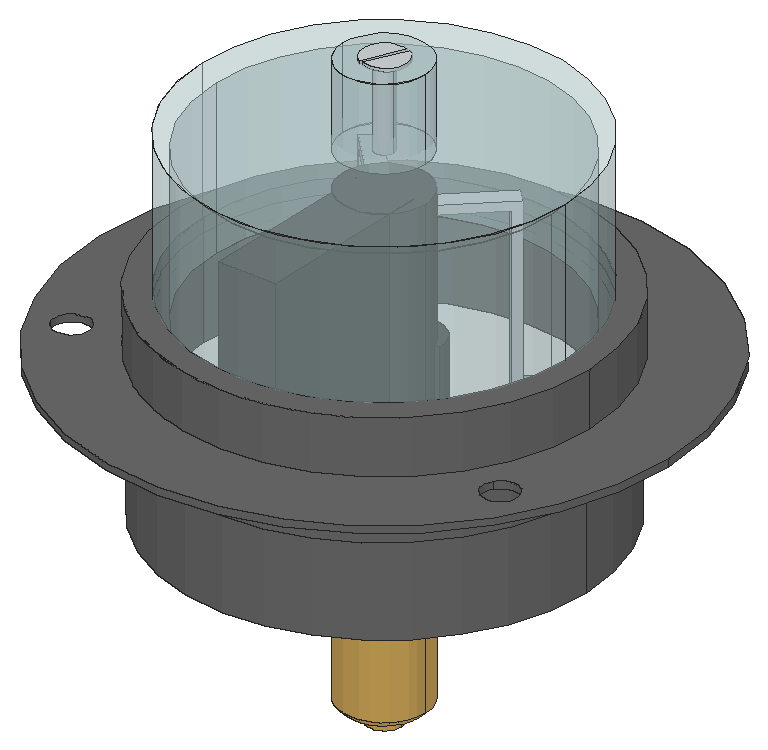
Revit family "РОСМА_МанометрОсевойЭлектроконтактнойПриставкой", category Арматура трубопроводов, Revit 2018
Family settings
  Размер круглого соединителя = Использовать диаметр
  Тип детали = Вставляется
  На основе рабочей плоскости = Нет
  Всегда вертикально = Да
  При загрузке вырезать с полостями = Нет
  Общий = Нет
Parameters (values of type "310")
  Техническая документация = "ТУ 4212-001-4719015564-2008; ГОСТ 2405–88"  # constant formula
  Присоединение = "Осевое"  # constant formula
  Межпроверочный интервал = "2 года"  # constant formula
  Климатическое исполнение = "Группа В3 по ГОСТ Р 52931; климатическое исполнение УХЛ категории 3.1 по ГОСТ 15150"  # constant formula
  Ду [instance] = DN  # 8 mm
  Диапазон раб. температур окр. среды = "−60°C…+60°C"  # constant formula
  Диапазон раб. температур измер. среды = "−50°C…+150°C"  # constant formula
  m = 30 mm
  МетрРезьба [instance] = if(Метрическая резьба, 1, 0)  # 1
  Description = "Манометр показывающий ТМ, серия 10. Манометры осевые с электроконтактной приставкой предназначены для управления внешними электрическими цепями в схемах сигнализации, автоматики и блокировки технологических процессов.\r\n\r\n"  # constant formula
  Метрическая резьба [instance] = not(Дюймовая резьба)  # yes
  Код IP = "IP40"
  Класс точности = "2,5"  # constant formula
  Исполнение = 310
  Изготовитель = "ЗАО \"РОСМА\""
  Дюймовая резьба [instance] = no
  b1 = 86 mm
  Table = "спец_осевой с электроконтактной приставкой"  # constant formula
  Счетчик списка [instance] = if(Диапазон давлений = Давление01, 1, if(Диапазон давлений = Давление03, 3, if(Диапазон давлений = Давление04, 4, if(Диапазон давлений = Давление05, 5, if(Диапазон давлений = Давление06, 6, if(Диапазон давлений = Давление07, 7, if(Диапазон давлений = Давление08, 8, if(Диапазон давлений = Давление09, 9, if(Диапазон давлений = Давление10, 10, if(Диапазон давлений = Давление11, 11, if(Диапазон давлений = Давление12, 12, if(Диапазон давлений = Давление13, 13, if(Диапазон давлений = Давление14, 14, if(Диапазон давлений = Давление15, 15, if(Диапазон давлений = Давление19, 19, if(Диапазон давлений = Давление20, 20, if(Диапазон давлений = Давление21, 21, if(Диапазон давлений = Давление22, 22, if(Диапазон давлений = Давление23, 23, if(Диапазон давлений = Давление24, 24, 25))))))))))))))))))))  # 13
  G [instance] = if(Метрическая резьба, "M20", "G1/2")  # "M20"
  Dполости_переднСт = D2 - 6 mm  # 53 mm
  DN = 8.00 mm
  Длина стрелки = D2 / 2 - 10 mm  # 19.5 mm
  Диапазон давлений [instance] = ‎ : ТМ 0…10МПа
  Давление24 = ‎ : ТМВ -0.1…2.4МПа
  Давление23 = ‎ : ТМВ -0.1…1.5МПа
  Давление22 = ‎ : ТМВ -0.1…0.9МПа
  Давление21 = ‎ : ТМВ -0.1…0.5МПа
  Давление20 = ‎ : ТМВ -0.1…0.3МПа
  Давление19 = ‎ : ТМВ -0.1…0.15МПа
  Давление15 = ‎ : ТМ 0…25МПа
  Давление09 = ‎ : ТМ 0…1.6МПа
  Давление08 = ‎ : ТМ 0…1.0МПа
  Давление07 = ‎ : ТМ 0…0.6МПа
  Давление06 = ‎ : ТМ 0…0.4МПа
  Давление05 = ‎ : ТМ 0…0.25МПа
  Давление04 = ‎ : ТМ 0…0.16МПа
  Давление03 = ‎ : ТМ 0…0.1МПа
  Давление14 = ‎ : ТМ 0…16МПа
  Давление13 = ‎ : ТМ 0…10МПа
  Давление12 = ‎ : ТМ 0…6МПа
  Давление11 = ‎ : ТМ 0…4МПа
  Давление10 = ‎ : ТМ 0…2.5МПа
  Давление01 = ‎ : ТВ -0.1…0МПа
  Группа модели = "Оборудование"
  f = 19 mm
  e = 17 mm
  b-e = b - e  # 13 mm
  b = 30 mm
  Youtube clip = ""
  URL = "https://rosma.spb.ru/manometers/osevye-s-elektrokontaktnoj-pristavkoj/"
  S = 10 mm
  Rg2 = S / 2 + 6 mm  # 11 mm
  Rg1 = S / 2 + 1 mm  # 6 mm
  R_Logo = 16 mm
  R2 шкала = 20 mm
  R1 шкала = 21 mm
  h_rezba = 15 mm
  Lgol = 2 mm
  h_гайки = 10 mm
  Drezba = 12 mm
  Dgol = Drezba - 2 mm  # 10 mm
  Ddempfer = 5 mm
  D2 = 59 mm
  D2/2 = D2 / 2  # 29.5 mm
  D1 = 60 mm
  Copyright = "EPICON"  # constant formula
  Author (e-mail) = "project@epicon.biz"  # constant formula
  ADSK_Примечание [instance] = ""
  ADSK_Позиция [instance] = ""
  ADSK_Наименование [instance] = size_lookup(Table, "ADSK_Наименование", "Нет в каталоге", Счетчик списка)  # "Манометр ТМ серия 10.ЭКМ"
  ADSK_Масса_Текст [instance] = size_lookup(Table, "ADSK_Масса_Текст", "Нет в каталоге", Счетчик списка)  # "0,2"
  ADSK_Марка [instance] = size_lookup(Table, "ADSK_Марка", "Нет в каталоге", Счетчик списка)  # "ТМ-310ТКП.05(0-10МРа)G1/4.2,5"
  ADSK_Количество = 1  # constant formula
  ADSK_Код изделия [instance] = " "
  ADSK_Завод-изготовитель [instance] = size_lookup(Table, "ADSK_Завод-изготовитель", "Нет в каталоге", Счетчик списка)  # "ЗАО \"РОСМА\""
  ADSK_Единица измерения = "шт."
Reference planes
  plane 1 "По центру (Вперед/Назад)": y = 0
  plane 2: z = 0
  plane 3 "По центру (Влево/Вправо)": x = 0
  plane 4 "f1": y = -15.6
  plane 5 "Табло": y = -16.6
  plane 6 "sr": x = 5
  plane 7 "sl": x = -5
  plane 8 "sb": y = 5
  plane 9 "sf": y = -5
  plane 10 "низкорпуса": z = 10
  plane 11: z = -15
  plane 12: z = -17
Forms (mm)
  Extrusion 1, solid, material "_Латунь", detail levels fine
    sketch origin (0, 0, 10) x (-1, 0, 0) y (0, -1, 0)
      loop
        line (5, -5) -> (5, 5) -> (-5, 5) -> (-5, -5) -> (5, -5)
    from 0 to -10
  Extrusion 2, void
    sketch origin (0, 0, 10) x (-1, 0, 0) y (0, -1, 0)
      loop
        circle (0, 0) r 6
      loop
        circle (0, 0) r 11
    from 0 to -10
  Extrusion 3, solid, material "_Латунь", detail levels fine
    sketch origin (0, 0, 10) x (-1, 0, 0) y (0, -1, 0)
      loop
        circle (0, 0) r 6
    from -10 to -25
  Sweep 4, void
    path in 3D
      loop
        arc (-6, 0, -15) -> (0, -6, -15) -> (6, 0, -15) r 6
        arc (6, 0, -15) -> (0, 6, -15) -> (-6, 0, -15) r 6
    profile origin (0, 6, -15) x (0, 1, 0) y (0, 0, -1)
      loop
        line (0, 0) -> (-1.016, 0) -> (0, -1.016) -> (0, 0)
  Sweep 5, void
    path in 3D
      loop
        arc (-6, 0, 0) -> (0, 6, 0) -> (6, 0, 0) r 6
        arc (6, 0, 0) -> (0, -6, 0) -> (-6, 0, 0) r 6
    profile origin (0, -6, 0) x (0, -1, 0) y (0, 0, 1)
      loop
        line (0, 0) -> (-1, 0) -> (0, -1) -> (0, 0)
  Extrusion 6, solid, material "_Латунь", detail levels fine
    sketch origin (-21.391, -1524, 2) x (-1, 0, 0) y (0, -1, 0)
      loop
        circle (-21.391, -1524) r 2.5
    from -19 to -2
Cuts and joins
  Extrusion 2, Sweep 5 cuts Extrusion 1
  Sweep 4, Sweep 5 cuts Extrusion 3
  joined: Extrusion 1, Extrusion 3
Lines and regions (mm)
  sketch lines
    curve 1: arc (6, 0, -15) -> (0, 6, -15) -> (-6, 0, -15) r 6
    curve 2: arc (-6, 0, -15) -> (0, -6, -15) -> (6, 0, -15) r 6
    curve 3: arc (6, 0, 0) -> (0, -6, 0) -> (-6, 0, 0) r 6
    curve 4: arc (-6, 0, 0) -> (0, 6, 0) -> (6, 0, 0) r 6
Dimensions and locks
  plane 1 "По центру (Вперед/Назад)" to plane 4 "f1" = 15.6 mm
  locked: plane 4 "f1" to plane 5 "Табло" at 1
  plane 3 "По центру (Влево/Вправо)" to plane 6 "sr" = 5 mm
  plane 7 "sl" to plane 3 "По центру (Влево/Вправо)" = 5 mm
  "h_гайки": plane 10 "низкорпуса" to plane 2
  equal spacing: plane 8 "sb", plane 1 "По центру (Вперед/Назад)", plane 9 "sf"
  equal spacing: plane 7 "sl", plane 3 "По центру (Влево/Вправо)", plane 6 "sr"
  "S": plane 7 "sl" to plane 6 "sr"
  "S": plane 8 "sb" to plane 9 "sf"
  "h_rezba": plane 2 to plane 11
  "Lgol": plane 11 to plane 12
  "Rg1": radius of Extrusion 2 sketch curve
  "Rg2": radius of Extrusion 2 sketch curve
  "Drezba": diameter of Extrusion 3 sketch curve
  "Ddempfer": diameter of Extrusion 6 sketch curve
  aligned and locked: level to plane 2
  aligned and locked: plane 10 "низкорпуса" to cut or joined group of Extrusion 1, Extrusion 2, Extrusion 3, Sweep 4, Sweep 5
  aligned and locked: plane 10 "низкорпуса" to Extrusion 2
  aligned and locked: Extrusion 2 to Extrusion 1
  aligned and locked: cut or joined group of Extrusion 1, Extrusion 2, Extrusion 3, Sweep 4, Sweep 5 to plane 11
  aligned and locked: plane 2 to cut or joined group of Extrusion 1, Extrusion 2, Extrusion 3, Sweep 4, Sweep 5
  aligned and locked: Extrusion 6 to plane 12
  aligned and locked: cut or joined group of Extrusion 1, Extrusion 2, Extrusion 3, Sweep 4, Sweep 5 to plane 2
  aligned and locked: plane 2 to Extrusion 6
  aligned and locked: nested 2 to plane 10 "низкорпуса"
  aligned and locked: nested 2 to plane 1 "По центру (Вперед/Назад)"
  aligned and locked: plane 3 "По центру (Влево/Вправо)" to nested 2
  aligned and locked: plane 3 "По центру (Влево/Вправо)" to nested 3
  aligned and locked: plane 1 "По центру (Вперед/Назад)" to nested 3
Automatic sketch dimensions
  Extrusion 1 sketch curve to plane 6 "sr" = 0 mm
  Extrusion 1 sketch curve to plane 7 "sl" = 0 mm
  Extrusion 1 sketch curve to plane 8 "sb" = 0 mm
  Extrusion 1 sketch curve to plane 9 "sf" = 0 mm
  profile plane to Sweep 4 sketch curve = 0 mm
  Sweep 4 sketch curve to profile plane = 0 mm
  profile plane to Sweep 4 sketch curve = 1.016 mm
  Sweep 4 sketch curve to profile plane = 1.016 mm
  Sweep 5 sketch curve to profile plane = 0 mm  (x2)
  profile plane to Sweep 5 sketch curve = 1 mm
  Sweep 5 sketch curve to profile plane = 1 mm
  plane 1 "По центру (Вперед/Назад)" to Extrusion 3 sketch curve = 0 mm
  Extrusion 3 sketch curve to plane 3 "По центру (Влево/Вправо)" = 0 mm
  plane 1 "По центру (Вперед/Назад)" to Extrusion 6 sketch curve = 0 mm
  Extrusion 6 sketch curve to plane 3 "По центру (Влево/Вправо)" = 0 mm
  Extrusion 2 sketch curve to Extrusion 2 sketch curve = 0 mm  (x2)
  plane 1 "По центру (Вперед/Назад)" to Extrusion 2 sketch curve = 0 mm
  Extrusion 2 sketch curve to plane 3 "По центру (Влево/Вправо)" = 0 mm
Nested families
  nested 1: "‎" at (-85.407, -40.5, 0), type "ТВ -0.1…0МПа"
  nested 2: "Корпус манометра_ОсевойЭлектроконтактнойПриставкой" at (0, 0, 16.5) x (1, 0, 0) z (0, 1, 0), b-е <- "b-e", e <- "e", D1 <- "D1", D2 <- "D2", R_лого <- "R_Logo", R2_шкала <- "R2 шкала", R1_шкала <- "R1 шкала", Dполости_переднСт <- "Dполости_переднСт", Длина стрелки <- "Длина стрелки", type "ТМ", detail levels fine
    with Угол раскрытия 0.00°, Материал корпуса _Краска черная глянцевая, Длина стрелки3 10 mm, Длина стрелки2 15 mm, Длина стрелки 19.5 mm, Диаметр полости 53 mm, e 17 mm, b-е 13 mm, b 29.332 mm, a электрочасти 35.367 mm, R_лого 16 mm, R2_шкала 20 mm, R1_шкала 21 mm, N2_шкала 0, N1_шкала 0, Dполости_переднСт 53 mm, Dполости_2 49 mm, D2 59 mm, D1/2-5 25 mm, D1 60 mm
  nested 3: "DAA_УГО_МанометрПоказывающий_ГОСТ21.208-2013" at (0, 0, 0), type "DAA_УГО_МанометрПоказывающий_ГОСТ21.208-2013", detail levels coarse+medium
Connectors
  piping at (0, 0, 0), diameter 8, driven by "DN"
    settings: on Extrusion 6, index 1, connector inside diameter 609.6 mm, connector length 0 mm, flow factor 0, pipe flow 0.0 L/s, pressure drop 0 MPa, fitting loss kfactor 0, connector angle 0.00°, fixture units 0, engagement length 0 mm, angle of deflection 0.00°, flow configuration 0, flow direction 0, fitting loss method 0, system type 7, joint type 0, gender type 0, connector reference index -1, connector utility 0, adjustable connector no, is connector primary yes, connector description ""
  electrical at (0.128, -31.938, 27.5)
    settings: on nested 2, index 2, voltage 220 V, apparent load 0 VA, apparent load phase1 30 VA, apparent load phase2 0 VA, apparent load phase3 0 VA, power factor 1, load classification "Прочее", number of poles 1, system type 31, power factor state 1, is connector primary yes, connector utility no, sub classification motor no, connector description ""
Definition of nested family "Корпус манометра_ОсевойЭлектроконтактнойПриставкой"
  Parameters (values of type "ТМ")
    блокировка = 16.236 mm
    блок = 0 mm
    Угол раскрытия [instance] = 0.00°
    Description = ""
    Материал корпуса [instance] = none
    Manufacturer = ""
    Длина стрелки3 [instance] = 8 mm
    Длина стрелки2 [instance] = 15 mm
    Длина стрелки [instance] = 20 mm
    Диаметр полости [instance] = Dполости_переднСт  # 54 mm
    Model = "Оборудование"
    e [instance] = 17 mm
    ddd = 12 mm
    b-е [instance] = 10.849 mm
    b [instance] = 29.332 mm
    a3 = 83 mm
    a электрочасти [instance] = 35.367 mm
    URL = ""
    R_лого [instance] = 15.996 mm
    N2_шкала [instance] = 0
    N1_шкала [instance] = 0
    Dполости_переднСт [instance] = 54 mm
    Dполости_2 [instance] = Dполости_переднСт - 4 mm  # 50 mm
    D2 [instance] = 59 mm
    D1/2-5 [instance] = D1 / 2 - 5 mm  # 25 mm
    D1 [instance] = 60 mm
    Copyright = "ЭПИКОН"  # constant formula
    Author (e-mail) = "https://epicon.biz"  # constant formula
    R2_шкала [instance] = 20 mm
    R1_шкала [instance] = 19 mm
  Reference planes
    plane 1 "По центру (Вперед/Назад)": y = 0
    plane 2: z = 0
    plane 3 "По центру (Влево/Вправо)": x = 0
    plane 4 "задняя стенка": y = 5.424
    plane 5 "f2": y = -23.907
    plane 6 "f1": y = -5.424
    plane 7 "стекло": y = -21.907
    plane 8 "Табло": y = -6.424
    plane 9 "sr": x = 4.125
    plane 10 "sl": x = -4.125
    plane 11 "sf": y = -11
    plane 12: z = -49
    plane 13: through (-2.116, -1524, -0.789) normal (0.7071, 0, 0.7071)
    plane 14: through (0, -1524, 0) normal (0.7071, 0, -0.7071)
    plane 15: through (-18.35, -1524, -12.84) normal (0.7071, 0, 0.7071)
    plane 16 "толщина стрелки": y = -6.424
    plane 17: y = -43.1
    plane 18: y = -41.1
    plane 19: x = -8.829
    plane 20: x = 8.829
    plane 21: z = -25
    plane 22: through (-0.003, -1524, -0.001) normal (0.7071, 0, -0.7071)
    plane 23: y = -4.424
    plane 24: y = -14.666
    plane 25: y = -15.166
    plane 26: y = -14.166
  Forms (mm)
    Extrusion 1, void
      sketch origin (-603.868, 0, -179.968) x (1, 0, 0) y (0, 0, 1)
        loop
          circle (603.868, 179.968) r 27
      from 5.424 to 21.907
    Extrusion 2, solid, detail levels fine
      sketch origin (-355.068, -21.907, -174.854) x (-1, 0, 0) y (0, 0, 1)
        loop
          circle (-355.068, 174.854) r 27
      from -21.193 to 2
    Extrusion 3, solid, material <- "Материал корпуса", detail levels fine
      sketch origin (-402.089, 0, -169.881) x (1, 0, 0) y (0, 0, 1)
        loop
          circle (402.089, 169.881) r 30
      from 5.424 to 23.907
    Extrusion 4, solid, material <- "Материал корпуса", detail levels fine
      sketch origin (-312.609, 0, -285.527) x (1, 0, 0) y (0, 0, 1)
        loop
          circle (312.609, 285.527) r 29.5
      from -5.424 to 5.424
    Extrusion 5, solid
      sketch origin (0, -6.424, 0) x (-1, 0, 0) y (0, 0, 1)
        loop
          line (15.595, -15.595) -> (2.291, -0.614) -> (1.452, -1.452) -> (15.595, -15.595)
      from 0 to 1
    Extrusion 6, solid
      sketch origin (0, -6.424, 0) x (0, 0, -1) y (-1, 0, 0)
        loop
          line (15.595, 15.595) -> (1.452, 1.452) -> (2.291, 0.614) -> (15.595, 15.595)
      from 0 to 1
    Extrusion 7, void
      sketch origin (0, -6.424, 0) x (-1, 0, 0) y (0, 0, 1)
        loop
          circle (0, 0) r 27
      from -17.483 to -15.483
    Extrusion 8, void
      sketch origin (0, -6.424, 0) x (-1, 0, 0) y (0, 0, 1)
        loop
          circle (0, 0) r 25
      from -34.676 to 1
    Extrusion 9, solid
      sketch origin (0, -6.424, 0) x (-1, 0, 0) y (0, 0, 1)
        loop
          line (4.125, 0) -> (-4.125, 0) -> (-4.125, -25) -> (4.125, -25) -> (4.125, 0)
      from -28.429 to 1
    Extrusion 10, solid, detail levels fine
      sketch origin (-55.686, -16.6, -0.001) x (-1, 0, 0) y (0, 0, 1)
        loop
          arc (-56.129, 2.329) -> (-57.198, 4.31) -> (-57.787, 6.483) r 9.796
          arc (-57.787, 6.483) -> (-60.885, 5.2) -> (-62.168, 2.102) r 4.382
          arc (-62.168, 2.102) -> (-60.024, 1.439) -> (-58.013, 0.444) r 14.074
          arc (-58.013, 0.444) -> (-54.006, -1.676) -> (-56.129, 2.329) r 2.371
      from 0 to 11.176
    Extrusion 11, solid
      sketch origin (0, -6.424, 0) x (-1, 0, 0) y (0, 0, 1)
        loop
          circle (0, 0) r 6
      from -28.429 to 1
    Sweep 12, solid
      path origin (5.101, 0, 5.101) x (0, 1, 0) y (0.707107, 0, 0.707107)
        loop
          line (-33.365, -7.213) -> (-33.365, 7.787) -> (-7.917, 7.787) -> (-7.917, 15.787)
      profile origin (5.303, -33.365, 5.303) x (0, -1, 0) y (0.707107, 0, -0.707107)
        loop
          line (-0.528, -1.297) -> (0.714, -1.297) -> (0.714, 1.297) -> (-0.528, 1.297) -> (-0.528, -1.297)
    Extrusion 13, solid
      sketch origin (-355.068, -52.854, -174.854) x (1, 0, 0) y (0, 0, 1)
        loop
          arc (356.07, 177.688) -> (352.346, 176.13) -> (353.53, 172.27) r 3.007
          line (353.53, 172.27) -> (356.07, 177.688)
        loop
          line (356.534, 177.683) -> (353.959, 172.269)
          arc (353.959, 172.269) -> (357.862, 173.732) -> (356.534, 177.683) r 3
      from 0 to 0.4
    Extrusion 14, solid
      sketch origin (-355.068, -43.1, -174.854) x (1, 0, 0) y (0, 0, 1)
        loop
          circle (355.068, 174.854) r 6
      from -2 to 9.754
    Sweep 15, solid
      path origin (-5.101, 0, 5.101) x (0, 1, 0) y (0.707107, 0, -0.707107)
        loop
          line (-33.473, 7.213) -> (-33.473, -7.787) -> (-7.917, -7.787) -> (-7.917, -15.787)
      profile origin (-5.303, -33.473, 5.303) x (0, 1, 0) y (-0.707107, 0, -0.707107)
        loop
          line (0.528, -1.297) -> (0.528, 1.297) -> (-0.714, 1.297) -> (-0.714, -1.297) -> (0.528, -1.297)
    Extrusion 16, solid, material <- "Материал корпуса"
      sketch origin (0, -6.424, 0) x (-1, 0, 0) y (0, 0, 1)
        loop
          circle (0, 0) r 41.5
        loop
          circle (0, 0) r 30
      from -8.741 to -7.741
    Extrusion 17, void
      sketch origin (4267.2, -14.666, 53.033) x (0, 0, 1) y (1, 0, 0)
        loop
          circle (-17.033, -4267.328) r 2.5
      from -0.5 to 0.5
    Extrusion 18, void
      sketch origin (-2087.672, -14.666, -3722.02) x (0.866025, 0, -0.5) y (-0.5, 0, -0.866025)
        loop
          circle (-17.033, -4267.328) r 2.5
      from -0.5 to 0.5
    Extrusion 19, void
      sketch origin (-2179.528, -14.666, 3668.987) x (-0.866025, 0, -0.5) y (-0.5, 0, 0.866025)
        loop
          circle (-17.033, -4267.328) r 2.5
      from -0.5 to 0.5
    Extrusion 20, solid
      sketch origin (0, -6.424, 0) x (-1, 0, 0) y (0, 0, 1)
        loop
          circle (0, 0) r 1.371
      from -46.43 to -34.676
    Extrusion 21, solid
      sketch origin (0, -34.854, 4.062) x (1, 0, 0) y (0, 0, 1)
        loop
          circle (0.128, -36) r 0.874
      from -23.854 to -20.688
  Cuts and joins
    Extrusion 1, Extrusion 7 cuts Extrusion 3
    Extrusion 7 cuts Extrusion 4
    Extrusion 7 cuts Extrusion 5
    Extrusion 7 cuts Extrusion 6
    Extrusion 8 cuts Extrusion 2
    Extrusion 17, Extrusion 18, Extrusion 19 cuts Extrusion 16
  Lines and regions (mm)
    model lines, not visible
      curve 1: line (97.62, 6.5, 6.514) -> (97.62, 6.5, 2.045)
      curve 2: line (97.62, 6.5, 2.045) -> (96.54, 6.5, 2.045)
      curve 3: line (96.54, 6.5, 2.045) -> (96.54, 6.5, 3.335)
      curve 4: line (96.54, 6.5, 3.335) -> (95.49, 6.5, 3.335)
      curve 5: line (95.712, 6.5, 6.514) -> (97.62, 6.5, 6.514)
      curve 6: arc (95.712, 6.5, 6.514) -> (94.35, 6.5, 5.012) -> (95.49, 6.5, 3.335) r 1.639
      curve 7: line (95.834, 6.5, 5.755) -> (96.697, 6.5, 5.755)
      curve 8: line (96.697, 6.5, 5.755) -> (96.697, 6.5, 4.198)
      curve 9: line (96.697, 6.5, 4.198) -> (95.834, 6.5, 4.198)
      curve 10: arc (95.834, 6.5, 5.755) -> (95.056, 6.5, 4.977) -> (95.834, 6.5, 4.198) r 0.779
      curve 11: circle (91.712, 6.5, 4.198) r 2.25 normal (0, -1, 0)
      curve 12: circle (91.712, 6.5, 4.198) r 1.301 normal (0, -1, 0)
      curve 13: arc (85.593, 6.5, 5.171) -> (87.99, 6.5, 4.265) -> (85.603, 6.5, 3.335) r 1.372
      curve 14: arc (84.964, 6.5, 2.754) -> (88.939, 6.5, 4.277) -> (84.964, 6.5, 5.801) r 2.28
      curve 15: line (84.964, 6.5, 5.801) -> (85.593, 6.5, 5.171)
      curve 16: line (85.603, 6.5, 3.335) -> (84.964, 6.5, 2.754)
      curve 17: line (84.167, 6.5, 2.029) -> (84.167, 6.5, 6.597)
      curve 18: line (84.167, 6.5, 6.597) -> (83.045, 6.5, 6.597)
      curve 19: line (83.045, 6.5, 6.597) -> (81.77, 6.5, 3.983)
      curve 20: line (81.77, 6.5, 3.983) -> (80.438, 6.5, 6.597)
      curve 21: line (80.438, 6.5, 6.597) -> (79.394, 6.5, 6.597)
      curve 22: line (79.394, 6.5, 6.597) -> (79.394, 6.5, 2.029)
      curve 23: line (79.394, 6.5, 2.029) -> (80.365, 6.5, 2.029)
      curve 24: line (80.365, 6.5, 2.029) -> (80.365, 6.5, 4.099)
      curve 25: line (80.365, 6.5, 4.099) -> (81.305, 6.5, 2.595)
      curve 26: line (81.305, 6.5, 2.595) -> (82.194, 6.5, 2.595)
      curve 27: line (82.194, 6.5, 2.595) -> (83.119, 6.5, 4.134)
      curve 28: line (83.119, 6.5, 4.134) -> (83.119, 6.5, 2.029)
      curve 29: line (83.119, 6.5, 2.029) -> (84.167, 6.5, 2.029)
      curve 30: line (78.906, 6.5, 2.029) -> (77.704, 6.5, 6.517)
      curve 31: line (77.704, 6.5, 6.517) -> (76.253, 6.5, 6.517)
      curve 32: line (76.253, 6.5, 6.517) -> (75.05, 6.5, 2.029)
      curve 33: line (75.05, 6.5, 2.029) -> (76.023, 6.5, 2.029)
      curve 34: line (76.023, 6.5, 2.029) -> (76.374, 6.5, 3.173)
      curve 35: line (76.374, 6.5, 3.173) -> (77.569, 6.5, 3.173)
      curve 36: line (77.569, 6.5, 3.173) -> (77.92, 6.5, 2.029)
      curve 37: line (77.92, 6.5, 2.029) -> (78.906, 6.5, 2.029)
      curve 38: line (77.47, 6.5, 4.202) -> (76.506, 6.5, 4.202)
      curve 39: line (76.506, 6.5, 4.202) -> (76.95, 6.5, 5.65)
      curve 40: line (76.95, 6.5, 5.65) -> (77.47, 6.5, 4.202)
      curve 41: arc (87.126, 6.5, 18.346) -> (89.931, 6.5, 13.899) -> (85.119, 6.5, 11.78) r 3.471
      curve 42: arc (87.164, 6.5, 20.585) -> (92.034, 6.5, 12.938) -> (83.388, 6.5, 10.21) r 5.715
      curve 43: line (83.388, 6.5, 10.21) -> (85.119, 6.5, 11.78)
      curve 44: line (87.126, 6.5, 18.346) -> (87.126, 6.5, 17.124)
      curve 45: line (87.126, 6.5, 17.124) -> (84.252, 6.5, 19.536)
      curve 46: line (84.252, 6.5, 19.536) -> (87.126, 6.5, 21.948)
      curve 47: line (87.126, 6.5, 21.948) -> (87.164, 6.5, 20.585)
      curve 48: arc (83.468, 6.5, 20.663) -> (79.577, 6.5, 17.734) -> (82.187, 6.5, 13.622) r 3.59
      curve 49: arc (82.763, 6.5, 18.317) -> (81.865, 6.5, 17.051) -> (82.819, 6.5, 15.827) r 1.3
      curve 50: line (83.468, 6.5, 20.663) -> (82.175, 6.5, 19.499)
      curve 51: line (82.175, 6.5, 19.499) -> (83.518, 6.5, 18.332)
      curve 52: line (83.518, 6.5, 18.332) -> (82.763, 6.5, 18.317)
      curve 53: line (82.819, 6.5, 15.827) -> (86.12, 6.5, 15.827)
      curve 54: line (86.12, 6.5, 15.827) -> (86.917, 6.5, 15.03)
      curve 55: line (86.917, 6.5, 15.03) -> (81.209, 6.5, 9.322)
      curve 56: line (81.209, 6.5, 9.322) -> (79.962, 6.5, 11.397)
      curve 57: line (79.962, 6.5, 11.397) -> (82.187, 6.5, 13.622)
      curve 260: line (-108.469, -5.424, -26.833) -> (-108.469, -5.424, -28.638)
      curve 261: line (-108.469, -5.424, -28.638) -> (-108.033, -5.424, -28.638)
      curve 262: line (-108.033, -5.424, -28.638) -> (-108.033, -5.424, -28.117)
      curve 263: line (-108.033, -5.424, -28.117) -> (-107.609, -5.424, -28.117)
      curve 264: line (-107.698, -5.424, -26.833) -> (-108.469, -5.424, -26.833)
      curve 265: arc (-107.698, -5.424, -26.833) -> (-107.148, -5.424, -27.439) -> (-107.609, -5.424, -28.117) r 0.662
      curve 266: line (-107.748, -5.424, -27.139) -> (-108.096, -5.424, -27.139)
      curve 267: line (-108.096, -5.424, -27.139) -> (-108.096, -5.424, -27.768)
      curve 268: line (-108.096, -5.424, -27.768) -> (-107.748, -5.424, -27.768)
      curve 269: arc (-107.748, -5.424, -27.139) -> (-107.433, -5.424, -27.454) -> (-107.748, -5.424, -27.768) r 0.315
      curve 270: circle (-106.082, -5.424, -27.768) r 0.909 normal (0, 1, 0)
      curve 271: circle (-106.082, -5.424, -27.768) r 0.526 normal (0, 1, 0)
      curve 272: arc (-103.61, -5.424, -27.375) -> (-104.578, -5.424, -27.741) -> (-103.614, -5.424, -28.117) r 0.554
      curve 273: arc (-103.356, -5.424, -28.352) -> (-104.962, -5.424, -27.736) -> (-103.356, -5.424, -27.121) r 0.921
      curve 274: line (-103.356, -5.424, -27.121) -> (-103.61, -5.424, -27.375)
      curve 275: line (-103.614, -5.424, -28.117) -> (-103.356, -5.424, -28.352)
      curve 276: line (-103.034, -5.424, -28.645) -> (-103.034, -5.424, -26.799)
      curve 277: line (-103.034, -5.424, -26.799) -> (-102.58, -5.424, -26.799)
      curve 278: line (-102.58, -5.424, -26.799) -> (-102.065, -5.424, -27.855)
      curve 279: line (-102.065, -5.424, -27.855) -> (-101.527, -5.424, -26.799)
      curve 280: line (-101.527, -5.424, -26.799) -> (-101.105, -5.424, -26.799)
      curve 281: line (-101.105, -5.424, -26.799) -> (-101.105, -5.424, -28.645)
      curve 282: line (-101.105, -5.424, -28.645) -> (-101.498, -5.424, -28.645)
      curve 283: line (-101.498, -5.424, -28.645) -> (-101.498, -5.424, -27.808)
      curve 284: line (-101.498, -5.424, -27.808) -> (-101.877, -5.424, -28.416)
      curve 285: line (-101.877, -5.424, -28.416) -> (-102.236, -5.424, -28.416)
      curve 286: line (-102.236, -5.424, -28.416) -> (-102.61, -5.424, -27.794)
      curve 287: line (-102.61, -5.424, -27.794) -> (-102.61, -5.424, -28.645)
      curve 288: line (-102.61, -5.424, -28.645) -> (-103.034, -5.424, -28.645)
      curve 289: line (-100.908, -5.424, -28.645) -> (-100.422, -5.424, -26.831)
      curve 290: line (-100.422, -5.424, -26.831) -> (-99.836, -5.424, -26.831)
      curve 291: line (-99.836, -5.424, -26.831) -> (-99.35, -5.424, -28.645)
      curve 292: line (-99.35, -5.424, -28.645) -> (-99.743, -5.424, -28.645)
      curve 293: line (-99.743, -5.424, -28.645) -> (-99.885, -5.424, -28.182)
      curve 294: line (-99.885, -5.424, -28.182) -> (-100.368, -5.424, -28.182)
      curve 295: line (-100.368, -5.424, -28.182) -> (-100.51, -5.424, -28.645)
      curve 296: line (-100.51, -5.424, -28.645) -> (-100.908, -5.424, -28.645)
      curve 297: line (-100.328, -5.424, -27.766) -> (-99.938, -5.424, -27.766)
      curve 298: line (-99.938, -5.424, -27.766) -> (-100.118, -5.424, -27.181)
      curve 299: line (-100.118, -5.424, -27.181) -> (-100.328, -5.424, -27.766)
      curve 300: arc (-104.229, -5.424, -22.052) -> (-105.363, -5.424, -23.849) -> (-103.418, -5.424, -24.705) r 1.402
      curve 301: arc (-104.245, -5.424, -21.147) -> (-106.212, -5.424, -24.237) -> (-102.719, -5.424, -25.339) r 2.309
      curve 302: line (-102.719, -5.424, -25.339) -> (-103.418, -5.424, -24.705)
      curve 303: line (-104.229, -5.424, -22.052) -> (-104.229, -5.424, -22.545)
      curve 304: line (-104.229, -5.424, -22.545) -> (-103.068, -5.424, -21.571)
      curve 305: line (-103.068, -5.424, -21.571) -> (-104.229, -5.424, -20.596)
      curve 306: line (-104.229, -5.424, -20.596) -> (-104.245, -5.424, -21.147)
      curve 307: arc (-102.751, -5.424, -21.116) -> (-101.179, -5.424, -22.299) -> (-102.234, -5.424, -23.96) r 1.45
      curve 308: arc (-102.466, -5.424, -22.063) -> (-102.103, -5.424, -22.575) -> (-102.489, -5.424, -23.069) r 0.525
      curve 309: line (-102.751, -5.424, -21.116) -> (-102.229, -5.424, -21.586)
      curve 310: line (-102.229, -5.424, -21.586) -> (-102.772, -5.424, -22.058)
      curve 311: line (-102.772, -5.424, -22.058) -> (-102.466, -5.424, -22.063)
      curve 312: line (-102.489, -5.424, -23.069) -> (-103.823, -5.424, -23.069)
      curve 313: line (-103.823, -5.424, -23.069) -> (-104.145, -5.424, -23.391)
      curve 314: line (-104.145, -5.424, -23.391) -> (-101.838, -5.424, -25.698)
      curve 315: line (-101.838, -5.424, -25.698) -> (-101.335, -5.424, -24.859)
      curve 316: line (-101.335, -5.424, -24.859) -> (-102.234, -5.424, -23.96)
    model lines, detail levels fine
      curve 58: line (17.606, -5.424, -17.748) -> (15.811, -5.424, -15.953)
      curve 59: line (-17.748, -5.424, -17.606) -> (-15.953, -5.424, -15.811)
      curve 60: line (18.513, -5.424, -16.8) -> (16.626, -5.424, -15.102)
      curve 61: line (19.369, -5.424, -15.805) -> (17.394, -5.424, -14.21)
      curve 62: line (20.218, -5.424, -14.703) -> (18.159, -5.424, -13.218)
      curve 63: line (20.976, -5.424, -13.6) -> (18.841, -5.424, -12.227)
      curve 64: line (21.674, -5.424, -12.458) -> (19.468, -5.424, -11.201)
      curve 65: line (22.31, -5.424, -11.28) -> (20.04, -5.424, -10.143)
      curve 66: line (22.882, -5.424, -10.069) -> (20.554, -5.424, -9.056)
      curve 67: line (23.388, -5.424, -8.83) -> (21.009, -5.424, -7.943)
      curve 68: line (23.827, -5.424, -7.566) -> (21.404, -5.424, -6.807)
      curve 69: line (24.198, -5.424, -6.279) -> (21.738, -5.424, -5.652)
      curve 70: line (24.499, -5.424, -4.975) -> (22.009, -5.424, -4.48)
      curve 71: line (24.73, -5.424, -3.657) -> (22.218, -5.424, -3.296)
      curve 72: line (24.891, -5.424, -2.328) -> (22.362, -5.424, -2.102)
      curve 73: line (24.979, -5.424, -0.992) -> (22.443, -5.424, -0.902)
      curve 74: line (24.997, -5.424, 0.346) -> (22.459, -5.424, 0.301)
      curve 75: line (24.942, -5.424, 1.683) -> (22.41, -5.424, 1.502)
      curve 76: line (24.817, -5.424, 3.016) -> (22.298, -5.424, 2.7)
      curve 77: line (24.62, -5.424, 4.34) -> (22.121, -5.424, 3.889)
      curve 78: line (24.352, -5.424, 5.652) -> (21.882, -5.424, 5.068)
      curve 79: line (24.015, -5.424, 6.947) -> (21.579, -5.424, 6.232)
      curve 80: line (23.608, -5.424, 8.222) -> (21.214, -5.424, 7.378)
      curve 81: line (23.134, -5.424, 9.474) -> (20.789, -5.424, 8.503)
      curve 82: line (22.594, -5.424, 10.699) -> (20.304, -5.424, 9.603)
      curve 83: line (21.989, -5.424, 11.893) -> (19.761, -5.424, 10.676)
      curve 84: line (21.321, -5.424, 13.053) -> (19.161, -5.424, 11.719)
      curve 85: line (20.592, -5.424, 14.175) -> (18.507, -5.424, 12.727)
      curve 86: line (19.804, -5.424, 15.257) -> (17.799, -5.424, 13.7)
      curve 87: line (18.959, -5.424, 16.295) -> (17.04, -5.424, 14.633)
      curve 88: line (18.059, -5.424, 17.287) -> (16.232, -5.424, 15.524)
      curve 89: line (17.108, -5.424, 18.228) -> (15.378, -5.424, 16.37)
      curve 90: line (16.108, -5.424, 19.118) -> (14.48, -5.424, 17.17)
      curve 91: line (15.062, -5.424, 19.953) -> (13.54, -5.424, 17.921)
      curve 92: line (13.972, -5.424, 20.73) -> (12.562, -5.424, 18.62)
      curve 93: line (12.842, -5.424, 21.448) -> (11.547, -5.424, 19.265)
      curve 94: line (11.676, -5.424, 22.105) -> (10.499, -5.424, 19.856)
      curve 95: line (10.476, -5.424, 22.698) -> (9.422, -5.424, 20.389)
      curve 96: line (9.246, -5.424, 23.226) -> (8.317, -5.424, 20.864)
      curve 97: line (7.99, -5.424, 23.688) -> (7.188, -5.424, 21.279)
      curve 98: line (6.71, -5.424, 24.082) -> (6.039, -5.424, 21.634)
      curve 99: line (5.412, -5.424, 24.406) -> (4.872, -5.424, 21.926)
      curve 100: line (4.098, -5.424, 24.661) -> (3.692, -5.424, 22.155)
      curve 101: line (2.772, -5.424, 24.845) -> (2.501, -5.424, 22.321)
      curve 102: line (1.438, -5.424, 24.958) -> (1.302, -5.424, 22.423)
      curve 103: line (0.1, -5.424, 24.999) -> (0.1, -5.424, 22.461)
      curve 104: line (-1.238, -5.424, 24.969) -> (-1.102, -5.424, 22.434)
      curve 105: line (-2.573, -5.424, 24.866) -> (-2.301, -5.424, 22.343)
      curve 106: line (-3.9, -5.424, 24.693) -> (-3.494, -5.424, 22.187)
      curve 107: line (-5.216, -5.424, 24.449) -> (-4.676, -5.424, 21.969)
      curve 108: line (-6.517, -5.424, 24.135) -> (-5.846, -5.424, 21.687)
      curve 109: line (-7.8, -5.424, 23.751) -> (-6.998, -5.424, 21.343)
      curve 110: line (-9.06, -5.424, 23.3) -> (-8.13, -5.424, 20.938)
      curve 111: line (-10.294, -5.424, 22.781) -> (-9.239, -5.424, 20.472)
      curve 112: line (-11.498, -5.424, 22.198) -> (-10.322, -5.424, 19.949)
      curve 113: line (-12.67, -5.424, 21.551) -> (-11.375, -5.424, 19.367)
      curve 114: line (-13.805, -5.424, 20.842) -> (-12.395, -5.424, 18.731)
      curve 115: line (-14.901, -5.424, 20.073) -> (-13.38, -5.424, 18.041)
      curve 116: line (-15.954, -5.424, 19.246) -> (-14.326, -5.424, 17.299)
      curve 117: line (-16.961, -5.424, 18.365) -> (-15.232, -5.424, 16.507)
      curve 118: line (-17.92, -5.424, 17.431) -> (-16.093, -5.424, 15.668)
      curve 119: line (-18.827, -5.424, 16.447) -> (-16.909, -5.424, 14.784)
      curve 120: line (-19.681, -5.424, 15.415) -> (-17.676, -5.424, 13.858)
      curve 121: line (-20.478, -5.424, 14.34) -> (-18.392, -5.424, 12.892)
      curve 122: line (-21.216, -5.424, 13.223) -> (-19.056, -5.424, 11.889)
      curve 123: line (-21.893, -5.424, 12.069) -> (-19.665, -5.424, 10.852)
      curve 124: line (-22.508, -5.424, 10.88) -> (-20.218, -5.424, 9.784)
      curve 125: line (-23.058, -5.424, 9.659) -> (-20.712, -5.424, 8.688)
      curve 126: line (-23.542, -5.424, 8.411) -> (-21.148, -5.424, 7.567)
      curve 127: line (-23.958, -5.424, 7.139) -> (-21.522, -5.424, 6.424)
      curve 128: line (-24.306, -5.424, 5.847) -> (-21.835, -5.424, 5.263)
      curve 129: line (-24.584, -5.424, 4.537) -> (-22.086, -5.424, 4.087)
      curve 130: line (-24.792, -5.424, 3.215) -> (-22.273, -5.424, 2.899)
      curve 131: line (-24.928, -5.424, 1.883) -> (-22.396, -5.424, 1.702)
      curve 132: line (-24.993, -5.424, 0.546) -> (-22.455, -5.424, 0.501)
      curve 133: line (-24.987, -5.424, -0.792) -> (-22.45, -5.424, -0.702)
      curve 134: line (-24.908, -5.424, -2.128) -> (-22.38, -5.424, -1.902)
      curve 135: line (-24.759, -5.424, -3.459) -> (-22.246, -5.424, -3.097)
      curve 136: line (-24.538, -5.424, -4.779) -> (-22.048, -5.424, -4.284)
      curve 137: line (-24.247, -5.424, -6.085) -> (-21.788, -5.424, -5.458)
      curve 138: line (-23.887, -5.424, -7.374) -> (-21.464, -5.424, -6.616)
      curve 139: line (-23.458, -5.424, -8.642) -> (-21.079, -5.424, -7.755)
      curve 140: line (-22.962, -5.424, -9.886) -> (-20.634, -5.424, -8.872)
      curve 141: line (-22.4, -5.424, -11.1) -> (-20.13, -5.424, -9.964)
      curve 142: line (-21.773, -5.424, -12.283) -> (-19.567, -5.424, -11.027)
      curve 143: line (-21.085, -5.424, -13.431) -> (-18.949, -5.424, -12.059)
      curve 144: line (-20.336, -5.424, -14.54) -> (-18.277, -5.424, -13.056)
      curve 145: line (-19.528, -5.424, -15.608) -> (-17.552, -5.424, -14.015)
      curve 146: line (-18.665, -5.424, -16.631) -> (-16.776, -5.424, -14.935)
      curve 147: line (14.529, -5.424, -14.529) -> (12.341, -5.424, -12.341)
      curve 148: line (-14.529, -5.424, -14.529) -> (-12.341, -5.424, -12.341)
      curve 149: line (20.152, -5.424, -4.009) -> (17.117, -5.424, -3.405)
      curve 150: line (18.983, -5.424, 7.863) -> (16.124, -5.424, 6.679)
      curve 151: line (11.415, -5.424, 17.084) -> (9.696, -5.424, 14.511)
      curve 152: line (0, -5.424, 20.547) -> (0, -5.424, 17.453)
      curve 153: line (-11.415, -5.424, 17.084) -> (-9.696, -5.424, 14.511)
      curve 154: line (-18.983, -5.424, 7.863) -> (-16.124, -5.424, 6.679)
      curve 155: line (-20.152, -5.424, -4.009) -> (-17.117, -5.424, -3.405)
    model lines, not visible, detail levels fine
      curve 156: line (248.297, -16.6, -114.05) -> (246.109, -16.6, -111.861)
      curve 157: line (264.809, -16.6, -130.703) -> (263.014, -16.6, -128.908)
      curve 160: line (17.606, -16.6, -17.748) -> (15.811, -16.6, -15.953)
      curve 161: line (-17.748, -16.6, -17.606) -> (-15.953, -16.6, -15.811)
      curve 162: line (18.513, -16.6, -16.8) -> (16.626, -16.6, -15.102)
      curve 163: line (19.369, -16.6, -15.805) -> (17.394, -16.6, -14.21)
      curve 164: line (20.218, -16.6, -14.703) -> (18.159, -16.6, -13.218)
      curve 165: line (20.976, -16.6, -13.6) -> (18.841, -16.6, -12.227)
      curve 166: line (21.674, -16.6, -12.458) -> (19.468, -16.6, -11.201)
      curve 167: line (22.31, -16.6, -11.28) -> (20.04, -16.6, -10.143)
      curve 168: line (22.882, -16.6, -10.069) -> (20.554, -16.6, -9.056)
      curve 169: line (23.388, -16.6, -8.83) -> (21.009, -16.6, -7.943)
      curve 170: line (23.827, -16.6, -7.566) -> (21.404, -16.6, -6.807)
      curve 171: line (24.198, -16.6, -6.279) -> (21.738, -16.6, -5.652)
      curve 172: line (24.499, -16.6, -4.975) -> (22.009, -16.6, -4.48)
      curve 173: line (24.73, -16.6, -3.657) -> (22.218, -16.6, -3.296)
      curve 174: line (24.891, -16.6, -2.328) -> (22.362, -16.6, -2.102)
      curve 175: line (24.979, -16.6, -0.992) -> (22.443, -16.6, -0.902)
      curve 176: line (24.997, -16.6, 0.346) -> (22.459, -16.6, 0.301)
      curve 177: line (24.942, -16.6, 1.683) -> (22.41, -16.6, 1.502)
      curve 178: line (24.817, -16.6, 3.016) -> (22.298, -16.6, 2.7)
      curve 179: line (24.62, -16.6, 4.34) -> (22.121, -16.6, 3.889)
      curve 180: line (24.352, -16.6, 5.652) -> (21.882, -16.6, 5.068)
      curve 181: line (24.015, -16.6, 6.947) -> (21.579, -16.6, 6.232)
      curve 182: line (23.608, -16.6, 8.222) -> (21.214, -16.6, 7.378)
      curve 183: line (23.134, -16.6, 9.474) -> (20.789, -16.6, 8.503)
      curve 184: line (22.594, -16.6, 10.699) -> (20.304, -16.6, 9.603)
      curve 185: line (21.989, -16.6, 11.893) -> (19.761, -16.6, 10.676)
      curve 186: line (21.321, -16.6, 13.053) -> (19.161, -16.6, 11.719)
      curve 187: line (20.592, -16.6, 14.175) -> (18.507, -16.6, 12.727)
      curve 188: line (19.804, -16.6, 15.257) -> (17.799, -16.6, 13.7)
      curve 189: line (18.959, -16.6, 16.295) -> (17.04, -16.6, 14.633)
      curve 190: line (18.059, -16.6, 17.287) -> (16.232, -16.6, 15.524)
      curve 191: line (17.108, -16.6, 18.228) -> (15.378, -16.6, 16.37)
      curve 192: line (16.108, -16.6, 19.118) -> (14.48, -16.6, 17.17)
      curve 193: line (15.062, -16.6, 19.953) -> (13.54, -16.6, 17.921)
      curve 194: line (13.972, -16.6, 20.73) -> (12.562, -16.6, 18.62)
      curve 195: line (12.842, -16.6, 21.448) -> (11.547, -16.6, 19.265)
      curve 196: line (11.676, -16.6, 22.105) -> (10.499, -16.6, 19.856)
      curve 197: line (10.476, -16.6, 22.698) -> (9.422, -16.6, 20.389)
      curve 198: line (9.246, -16.6, 23.226) -> (8.317, -16.6, 20.864)
      curve 199: line (7.99, -16.6, 23.688) -> (7.188, -16.6, 21.279)
      curve 200: line (6.71, -16.6, 24.082) -> (6.039, -16.6, 21.634)
      curve 201: line (5.412, -16.6, 24.406) -> (4.872, -16.6, 21.926)
      curve 202: line (4.098, -16.6, 24.661) -> (3.692, -16.6, 22.155)
      curve 203: line (2.772, -16.6, 24.845) -> (2.501, -16.6, 22.321)
      curve 204: line (1.438, -16.6, 24.958) -> (1.302, -16.6, 22.423)
      curve 205: line (0.1, -16.6, 24.999) -> (0.1, -16.6, 22.461)
      curve 206: line (-1.238, -16.6, 24.969) -> (-1.102, -16.6, 22.434)
      curve 207: line (-2.573, -16.6, 24.866) -> (-2.301, -16.6, 22.343)
      curve 208: line (-3.9, -16.6, 24.693) -> (-3.494, -16.6, 22.187)
      curve 209: line (-5.216, -16.6, 24.449) -> (-4.676, -16.6, 21.969)
      curve 210: line (-6.517, -16.6, 24.135) -> (-5.846, -16.6, 21.687)
      curve 211: line (-7.8, -16.6, 23.751) -> (-6.998, -16.6, 21.343)
      curve 212: line (-9.06, -16.6, 23.3) -> (-8.13, -16.6, 20.938)
      curve 213: line (-10.294, -16.6, 22.781) -> (-9.239, -16.6, 20.472)
      curve 214: line (-11.498, -16.6, 22.198) -> (-10.322, -16.6, 19.949)
      curve 215: line (-12.67, -16.6, 21.551) -> (-11.375, -16.6, 19.367)
      curve 216: line (-13.805, -16.6, 20.842) -> (-12.395, -16.6, 18.731)
      curve 217: line (-14.901, -16.6, 20.073) -> (-13.38, -16.6, 18.041)
      curve 218: line (-15.954, -16.6, 19.246) -> (-14.326, -16.6, 17.299)
      curve 219: line (-16.961, -16.6, 18.365) -> (-15.232, -16.6, 16.507)
      curve 220: line (-17.92, -16.6, 17.431) -> (-16.093, -16.6, 15.668)
      curve 221: line (-18.827, -16.6, 16.447) -> (-16.909, -16.6, 14.784)
      curve 222: line (-19.681, -16.6, 15.415) -> (-17.676, -16.6, 13.858)
      curve 223: line (-20.478, -16.6, 14.34) -> (-18.392, -16.6, 12.892)
      curve 224: line (-21.216, -16.6, 13.223) -> (-19.056, -16.6, 11.889)
      curve 225: line (-21.893, -16.6, 12.069) -> (-19.665, -16.6, 10.852)
      curve 226: line (-22.508, -16.6, 10.88) -> (-20.218, -16.6, 9.784)
      curve 227: line (-23.058, -16.6, 9.659) -> (-20.712, -16.6, 8.688)
      curve 228: line (-23.542, -16.6, 8.411) -> (-21.148, -16.6, 7.567)
      curve 229: line (-23.958, -16.6, 7.139) -> (-21.522, -16.6, 6.424)
      curve 230: line (-24.306, -16.6, 5.847) -> (-21.835, -16.6, 5.263)
      curve 231: line (-24.584, -16.6, 4.537) -> (-22.086, -16.6, 4.087)
      curve 232: line (-24.792, -16.6, 3.215) -> (-22.273, -16.6, 2.899)
      curve 233: line (-24.928, -16.6, 1.883) -> (-22.396, -16.6, 1.702)
      curve 234: line (-24.993, -16.6, 0.546) -> (-22.455, -16.6, 0.501)
      curve 235: line (-24.987, -16.6, -0.792) -> (-22.45, -16.6, -0.702)
      curve 236: line (-24.908, -16.6, -2.128) -> (-22.38, -16.6, -1.902)
      curve 237: line (-24.759, -16.6, -3.459) -> (-22.246, -16.6, -3.097)
      curve 238: line (-24.538, -16.6, -4.779) -> (-22.048, -16.6, -4.284)
      curve 239: line (-24.247, -16.6, -6.085) -> (-21.788, -16.6, -5.458)
      curve 240: line (-23.887, -16.6, -7.374) -> (-21.464, -16.6, -6.616)
      curve 241: line (-23.458, -16.6, -8.642) -> (-21.079, -16.6, -7.755)
      curve 242: line (-22.962, -16.6, -9.886) -> (-20.634, -16.6, -8.872)
      curve 243: line (-22.4, -16.6, -11.1) -> (-20.13, -16.6, -9.964)
      curve 244: line (-21.773, -16.6, -12.283) -> (-19.567, -16.6, -11.027)
      curve 245: line (-21.085, -16.6, -13.431) -> (-18.949, -16.6, -12.059)
      curve 246: line (-20.336, -16.6, -14.54) -> (-18.277, -16.6, -13.056)
      curve 247: line (-19.528, -16.6, -15.608) -> (-17.552, -16.6, -14.015)
      curve 248: line (-18.665, -16.6, -16.631) -> (-16.776, -16.6, -14.935)
      curve 249: line (14.529, -16.6, -14.529) -> (12.341, -16.6, -12.341)
      curve 250: line (-14.529, -16.6, -14.529) -> (-12.341, -16.6, -12.341)
      curve 251: line (20.152, -16.6, -4.009) -> (17.117, -16.6, -3.405)
      curve 252: line (18.983, -16.6, 7.863) -> (16.124, -16.6, 6.679)
      curve 253: line (11.415, -16.6, 17.084) -> (9.696, -16.6, 14.511)
      curve 254: line (0, -16.6, 20.547) -> (0, -16.6, 17.453)
      curve 255: line (-11.415, -16.6, 17.084) -> (-9.696, -16.6, 14.511)
      curve 256: line (-18.983, -16.6, 7.863) -> (-16.124, -16.6, 6.679)
      curve 257: line (-20.152, -16.6, -4.009) -> (-17.117, -16.6, -3.405)
    reference lines
      curve 158: line (-73.222, -6.424, 0) -> (111.746, -6.424, 0)
      curve 159: line (0, -6.424, 0) -> (-10.565, -6.424, -10.565)
      curve 258: line (-7.451, -5.424, 22) -> (6.301, -5.424, 22)
      curve 374: line (0, -37.839, 0) -> (0, -13.135, 0)
    reference lines, not visible
      curve 259: line (-7.451, -16.6, 22) -> (6.301, -16.6, 22)
    model lines
      curve 317: line (-4.004, -5.424, 12.602) -> (-4.004, -5.424, 10.797)
      curve 318: line (-4.004, -5.424, 10.797) -> (-3.568, -5.424, 10.797)
      curve 319: line (-3.568, -5.424, 10.797) -> (-3.568, -5.424, 11.318)
      curve 320: line (-3.568, -5.424, 11.318) -> (-3.144, -5.424, 11.318)
      curve 321: line (-3.233, -5.424, 12.602) -> (-4.004, -5.424, 12.602)
      curve 322: arc (-3.233, -5.424, 12.602) -> (-2.683, -5.424, 11.995) -> (-3.144, -5.424, 11.318) r 0.662
      curve 323: line (-3.283, -5.424, 12.296) -> (-3.631, -5.424, 12.296)
      curve 324: line (-3.631, -5.424, 12.296) -> (-3.631, -5.424, 11.667)
      curve 325: line (-3.631, -5.424, 11.667) -> (-3.283, -5.424, 11.667)
      curve 326: arc (-3.283, -5.424, 12.296) -> (-2.968, -5.424, 11.981) -> (-3.283, -5.424, 11.667) r 0.315
      curve 327: circle (-1.617, -5.424, 11.667) r 0.909 normal (0, 1, 0)
      curve 328: circle (-1.617, -5.424, 11.667) r 0.526 normal (0, 1, 0)
      curve 329: arc (0.855, -5.424, 12.06) -> (-0.114, -5.424, 11.694) -> (0.851, -5.424, 11.318) r 0.554
      curve 330: arc (1.109, -5.424, 11.083) -> (-0.497, -5.424, 11.699) -> (1.109, -5.424, 12.314) r 0.921
      curve 331: line (1.109, -5.424, 12.314) -> (0.855, -5.424, 12.06)
      curve 332: line (0.851, -5.424, 11.318) -> (1.109, -5.424, 11.083)
      curve 333: line (1.431, -5.424, 10.79) -> (1.431, -5.424, 12.636)
      curve 334: line (1.431, -5.424, 12.636) -> (1.884, -5.424, 12.636)
      curve 335: line (1.884, -5.424, 12.636) -> (2.4, -5.424, 11.58)
      curve 336: line (2.4, -5.424, 11.58) -> (2.938, -5.424, 12.636)
      curve 337: line (2.938, -5.424, 12.636) -> (3.359, -5.424, 12.636)
      curve 338: line (3.359, -5.424, 12.636) -> (3.359, -5.424, 10.79)
      curve 339: line (3.359, -5.424, 10.79) -> (2.967, -5.424, 10.79)
      curve 340: line (2.967, -5.424, 10.79) -> (2.967, -5.424, 11.627)
      curve 341: line (2.967, -5.424, 11.627) -> (2.587, -5.424, 11.019)
      curve 342: line (2.587, -5.424, 11.019) -> (2.228, -5.424, 11.019)
      curve 343: line (2.228, -5.424, 11.019) -> (1.855, -5.424, 11.641)
      curve 344: line (1.855, -5.424, 11.641) -> (1.855, -5.424, 10.79)
      curve 345: line (1.855, -5.424, 10.79) -> (1.431, -5.424, 10.79)
      curve 346: line (3.557, -5.424, 10.79) -> (4.042, -5.424, 12.603)
      curve 347: line (4.042, -5.424, 12.603) -> (4.629, -5.424, 12.603)
      curve 348: line (4.629, -5.424, 12.603) -> (5.115, -5.424, 10.79)
      curve 349: line (5.115, -5.424, 10.79) -> (4.722, -5.424, 10.79)
      curve 350: line (4.722, -5.424, 10.79) -> (4.58, -5.424, 11.252)
      curve 351: line (4.58, -5.424, 11.252) -> (4.097, -5.424, 11.252)
      curve 352: line (4.097, -5.424, 11.252) -> (3.955, -5.424, 10.79)
      curve 353: line (3.955, -5.424, 10.79) -> (3.557, -5.424, 10.79)
      curve 354: line (4.137, -5.424, 11.668) -> (4.526, -5.424, 11.668)
      curve 355: line (4.526, -5.424, 11.668) -> (4.347, -5.424, 12.253)
      curve 356: line (4.347, -5.424, 12.253) -> (4.137, -5.424, 11.668)
      curve 357: arc (0.235, -5.424, 17.383) -> (-0.898, -5.424, 15.586) -> (1.047, -5.424, 14.73) r 1.402
      curve 358: arc (0.22, -5.424, 18.287) -> (-1.747, -5.424, 15.198) -> (1.746, -5.424, 14.096) r 2.309
      curve 359: line (1.746, -5.424, 14.096) -> (1.047, -5.424, 14.73)
      curve 360: line (0.235, -5.424, 17.383) -> (0.235, -5.424, 16.889)
      curve 361: line (0.235, -5.424, 16.889) -> (1.397, -5.424, 17.864)
      curve 362: line (1.397, -5.424, 17.864) -> (0.235, -5.424, 18.838)
      curve 363: line (0.235, -5.424, 18.838) -> (0.22, -5.424, 18.287)
      curve 364: arc (1.713, -5.424, 18.319) -> (3.286, -5.424, 17.136) -> (2.231, -5.424, 15.474) r 1.45
      curve 365: arc (1.998, -5.424, 17.371) -> (2.361, -5.424, 16.86) -> (1.976, -5.424, 16.365) r 0.525
      curve 366: line (1.713, -5.424, 18.319) -> (2.236, -5.424, 17.849)
      curve 367: line (2.236, -5.424, 17.849) -> (1.693, -5.424, 17.377)
      curve 368: line (1.693, -5.424, 17.377) -> (1.998, -5.424, 17.371)
      curve 369: line (1.976, -5.424, 16.365) -> (0.642, -5.424, 16.365)
      curve 370: line (0.642, -5.424, 16.365) -> (0.32, -5.424, 16.043)
      curve 371: line (0.32, -5.424, 16.043) -> (2.626, -5.424, 13.737)
      curve 372: line (2.626, -5.424, 13.737) -> (3.13, -5.424, 14.575)
      curve 373: line (3.13, -5.424, 14.575) -> (2.231, -5.424, 15.474)
  Dimensions and locks
    plane 5 "f2" to plane 1 "По центру (Вперед/Назад)" = 23.907 mm
    plane 1 "По центру (Вперед/Назад)" to plane 6 "f1" = 5.424 mm
    plane 4 "задняя стенка" to plane 1 "По центру (Вперед/Назад)" = 5.424 mm
    plane 7 "стекло" to plane 5 "f2" = 2 mm
    locked: plane 6 "f1" to plane 8 "Табло" at 1
    plane 3 "По центру (Влево/Вправо)" to plane 9 "sr" = 4.125 mm
    plane 10 "sl" to plane 3 "По центру (Влево/Вправо)" = 4.125 mm
    plane 11 "sf" to plane 1 "По центру (Вперед/Назад)" = 11 mm
    "Длина стрелки": plane 13 to plane 15
    Extrusion 5 to Extrusion 5 = 1.185 mm
    Extrusion 6 to Extrusion 6 = 1.185 mm
    Extrusion 2 to plane 7 "стекло" to plane 5 "f2" = 2 mm, 2 mm locked
    locked: plane 6 "f1" to plane 16 "толщина стрелки" at 1
    "b-е": plane 4 "задняя стенка" to plane 6 "f1"
    equal spacing: plane 4 "задняя стенка", plane 1 "По центру (Вперед/Назад)", plane 6 "f1"
    plane 18 to plane 17 = 2 mm
    equal spacing: plane 19, plane 3 "По центру (Влево/Вправо)", plane 20
    plane 19 to plane 20 = 17.657 mm
    equal spacing: plane 9 "sr", plane 3 "По центру (Влево/Вправо)", plane 10 "sl"
    plane 9 "sr" to plane 10 "sl" = 8.25 mm
    equal spacing: Sweep 12 sketch curve, profile plane, Sweep 12 sketch curve
    "Длина стрелки2": Sweep 12 sketch curve to Sweep 12 sketch curve
    "Длина стрелки3": Sweep 12 sketch curve to Sweep 12 sketch curve
    equal spacing: Sweep 15 sketch curve, profile plane, Sweep 15 sketch curve
    "Длина стрелки2": Sweep 15 sketch curve to Sweep 15 sketch curve
    "Длина стрелки3": Sweep 15 sketch curve to Sweep 15 sketch curve
    locked: plane 16 "толщина стрелки" to plane 23 at 2
    "D1/2-5": level to plane 21
    "b": plane 4 "задняя стенка" to plane 5 "f2"
    plane 6 "f1" to plane 5 "f2" = 18.483 mm
    equal spacing: plane 6 "f1", plane 24, plane 5 "f2"
    plane 24 to plane 25 = 0.5 mm
    equal spacing: plane 26, plane 24, plane 25
    "Диаметр полости": diameter of Extrusion 2 sketch curve
    "Диаметр полости": diameter of Extrusion 1 sketch curve
    "D1": diameter of Extrusion 3 sketch curve
    "D2": diameter of Extrusion 4 sketch curve
    "R1_шкала": radius of radial array  (x2)
    "R2_шкала": radius of radial array  (x2)
    "Dполости_переднСт": diameter of Extrusion 7 sketch curve
    "Dполости_2": diameter of Extrusion 8 sketch curve
    diameter of Extrusion 11 sketch curve = 12 mm
    radius of Extrusion 13 sketch curve = 3 mm
    radius of Extrusion 13 sketch curve = 3.007 mm
    "ddd": diameter of Extrusion 14 sketch curve
    "a3": diameter of Extrusion 16 sketch curve
    "D1": diameter of Extrusion 16 sketch curve
    locked: plane 14 to plane 13 (angle 90.00°)
    locked: plane 14 to plane 15 (angle 90.00°)
    aligned and locked: level to plane 2
    aligned and locked: level to Extrusion 2 sketch curve
    aligned and locked: plane 3 "По центру (Влево/Вправо)" to Extrusion 4 sketch curve
    aligned and locked: level to Extrusion 4 sketch curve
    aligned and locked: plane 3 "По центру (Влево/Вправо)" to Extrusion 2 sketch curve
    aligned and locked: plane 3 "По центру (Влево/Вправо)" to Extrusion 3 sketch curve
    aligned and locked: level to Extrusion 3 sketch curve
    aligned and locked: plane 3 "По центру (Влево/Вправо)" to Extrusion 1 sketch curve
    aligned and locked: level to Extrusion 1 sketch curve
    aligned and locked: plane 13 to Extrusion 6
    aligned and locked: plane 15 to Extrusion 6 sketch curve
    aligned and locked: Extrusion 3 to plane 5 "f2"
    aligned and locked: plane 4 "задняя стенка" to Extrusion 4
    aligned and locked: Extrusion 4 to plane 6 "f1"
    aligned and locked: plane 6 "f1" to Extrusion 3
    aligned and locked: Extrusion 6 to plane 16 "толщина стрелки"
    aligned and locked: Extrusion 5 to plane 16 "толщина стрелки"
    aligned and locked: curve 158 to plane 8 "Табло"
    aligned and locked: curve 258 to plane 6 "f1"
    aligned and locked: level to radial array  (x2)
    aligned and locked: curve 158 to radial array  (x2)
    aligned and locked: plane 6 "f1" to Extrusion 1
    aligned and locked: Extrusion 1 to plane 7 "стекло"
    aligned and locked: plane 2 to Extrusion 7 sketch curve
    aligned and locked: plane 3 "По центру (Влево/Вправо)" to Extrusion 7 sketch curve
    aligned and locked: Extrusion 7 to plane 5 "f2"
    aligned and locked: plane 7 "стекло" to Extrusion 7
    aligned and locked: Extrusion 2 to plane 17
    aligned and locked: plane 18 to Extrusion 8
    aligned and locked: Extrusion 9 to plane 10 "sl"
    aligned and locked: plane 9 "sr" to Extrusion 9
    aligned and locked: Extrusion 11 to Extrusion 9
    aligned and locked: curve 374 to Sweep 12 sketch curve
    aligned and locked: curve 374 to level
    aligned and locked: curve 374 to Sweep 15 sketch curve
    aligned and locked: Extrusion 3 to Extrusion 1
    aligned and locked: plane 6 "f1" to Extrusion 8
    aligned and locked: plane 6 "f1" to Extrusion 10
    aligned and locked: Extrusion 9 to plane 21
    aligned and locked: level to Extrusion 9
    aligned and locked: Extrusion 14 to plane 18
    aligned and locked: plane 26 to Extrusion 16
    aligned and locked: Extrusion 16 to plane 25
    aligned and locked: Extrusion 17 to plane 25
    aligned and locked: plane 26 to Extrusion 17
    aligned and locked: Extrusion 20 to Extrusion 13
    aligned and locked: Extrusion 20 to plane 18
    aligned and locked: Extrusion 21 to plane 26
    aligned and locked: plane 11 "sf" to Extrusion 21
  Automatic sketch dimensions
    curve 59 to curve 59 = 1.759 mm
    curve 59 to curve 59 = 1.831 mm
    curve 58 to curve 58 = 1.759 mm
    curve 58 to curve 58 = 1.831 mm
    curve 60 to curve 60 = 1.759 mm
    curve 60 to curve 60 = 1.831 mm
    curve 61 to curve 61 = 1.759 mm
    curve 61 to curve 61 = 1.831 mm
    curve 62 to curve 62 = 1.759 mm
    curve 62 to curve 62 = 1.831 mm
    curve 63 to curve 63 = 1.759 mm
    curve 63 to curve 63 = 1.831 mm
    curve 64 to curve 64 = 1.759 mm
    curve 64 to curve 64 = 1.831 mm
    curve 65 to curve 65 = 1.759 mm
    curve 65 to curve 65 = 1.831 mm
    curve 66 to curve 66 = 1.759 mm
    curve 66 to curve 66 = 1.831 mm
    curve 67 to curve 67 = 1.759 mm
    curve 67 to curve 67 = 1.831 mm
    curve 68 to curve 68 = 1.759 mm
    curve 68 to curve 68 = 1.831 mm
    curve 69 to curve 69 = 1.759 mm
    curve 69 to curve 69 = 1.831 mm
    curve 70 to curve 70 = 1.759 mm
    curve 70 to curve 70 = 1.831 mm
    curve 71 to curve 71 = 1.759 mm
    curve 71 to curve 71 = 1.831 mm
    curve 72 to curve 72 = 1.759 mm
    curve 72 to curve 72 = 1.831 mm
    curve 73 to curve 73 = 1.759 mm
    curve 73 to curve 73 = 1.831 mm
    curve 74 to curve 74 = 1.759 mm
    curve 74 to curve 74 = 1.831 mm
    curve 75 to curve 75 = 1.759 mm
    curve 75 to curve 75 = 1.831 mm
    curve 76 to curve 76 = 1.759 mm
    curve 76 to curve 76 = 1.831 mm
    curve 77 to curve 77 = 1.759 mm
    curve 77 to curve 77 = 1.831 mm
    curve 78 to curve 78 = 1.759 mm
    curve 78 to curve 78 = 1.831 mm
    curve 79 to curve 79 = 1.759 mm
    curve 79 to curve 79 = 1.831 mm
    curve 80 to curve 80 = 1.759 mm
    curve 80 to curve 80 = 1.831 mm
    curve 81 to curve 81 = 1.759 mm
    curve 81 to curve 81 = 1.831 mm
    curve 82 to curve 82 = 1.759 mm
    curve 82 to curve 82 = 1.831 mm
    curve 83 to curve 83 = 1.759 mm
    curve 83 to curve 83 = 1.831 mm
    curve 84 to curve 84 = 1.759 mm
    curve 84 to curve 84 = 1.831 mm
    curve 85 to curve 85 = 1.759 mm
    curve 85 to curve 85 = 1.831 mm
    curve 86 to curve 86 = 1.759 mm
    curve 86 to curve 86 = 1.831 mm
    curve 87 to curve 87 = 1.759 mm
    curve 87 to curve 87 = 1.831 mm
    curve 88 to curve 88 = 1.759 mm
    curve 88 to curve 88 = 1.831 mm
    curve 89 to curve 89 = 1.759 mm
    curve 89 to curve 89 = 1.831 mm
    curve 90 to curve 90 = 1.759 mm
    curve 90 to curve 90 = 1.831 mm
    curve 91 to curve 91 = 1.759 mm
    curve 91 to curve 91 = 1.831 mm
